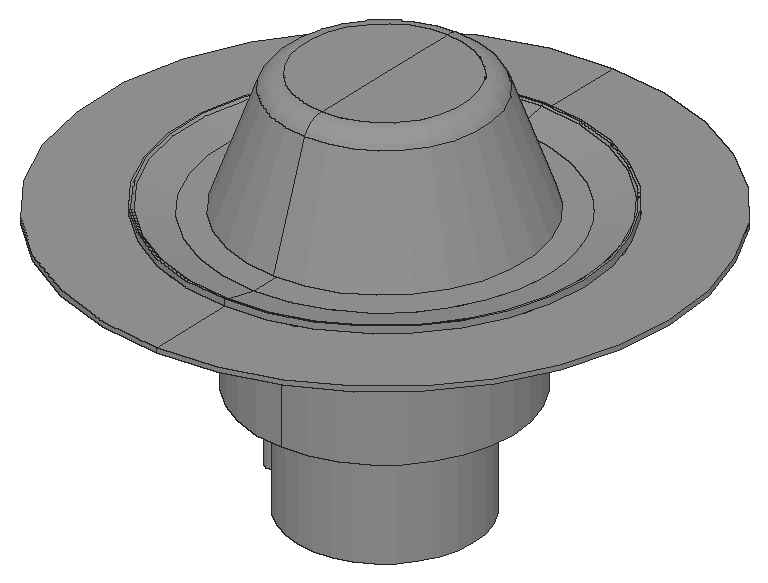
Revit family "HL_Dachablauf_HL62.1-B-221103", category Instalační zařizovací předměty, Revit 2021
Family settings
  Kóta kulaté spojky = Použít průměr
  Typ dílu = Normální
  Číslo OmniClass = 23.70.50.21.24.14
  Nadpis OmniClass = Deck Waste Water Drains
  Založené na pracovní rovině = Ne
  Vždy vertikální = Ano
  Ořezat dutým tvarem při načtení = Ne
  Sdílené = Ne
  Bod výpočtu místnosti = Ano
Parameters (values of type "HL_Dachablauf_HL62.1_1")
  Výchozí výška = 0 mm
  Výrobce = "HL Hutterer & Lechner GmbH"  # constant formula
  VOLUMENSTROM [instance] = 0.0 L/s
  URL = "http://www.hutterer-lechner.com/de/products/catalog/roof-drains/HL62.1/1.aspx"
  RECHTSAUSKUNFT = "Urheberrechte (©), Designrechte und alle anderen Rechte am geistigen Eigentum, sind ausschließlich Eigentum der Firma HL Hutterer&Lechner GmbH. Änderungen sind nicht gestattet. Die Familien (Teile) sind mit Wasserzeichen geschützt."
  MATERIAL = "PP"
  LEISTUNG = "10,7 l/s"
  GEWICHT = "1,63 [kg]"
  EINLAUFROST = "Laubfangkorb d 145 mm"
  EINBAUHÖHE = "100 mm"
  EAN = "9003076802623"
  DURCHMESSER = 110 mm
  DIMENSION = "DN110"
  Abdeckung Material [instance] = none
  Přípoj ventilace = no
  Přípoj odpadních dílů = yes
  Přípoj HW = no
  Přípoj CW = no
  Popis = "Dachabläufe"
  Model = "HL62.1_1"
  Assembly Code = " "
  Komentáře k typům = "HL62.1/1 Dachablauf DN110 mit Klemmelement und Heizung (10_30W/230V),"
  Keynote = "HL62.1_1"
  Einbauhöhe [instance] = 0 mm
  G [instance] = 180.00°  # constant formula
  D [instance] = 67 mm + Einbauhöhe  # 67 mm
  C [instance] = if(Einbauhöhe - 68 mm < 0 mm, 0 mm, Einbauhöhe - 68 mm)  # 0 mm
  B [instance] = 100 mm  # constant formula
  A [instance] = if(B - 100 mm > 15 mm, B - 100 mm, 15 mm)  # 15 mm
Types (5, lengths in mm): name | URL | LEISTUNG | GEWICHT | EAN | DURCHMESSER | DIMENSION | Model | Komentáře k typům | Keynote
  (no name) | "http://www.hutterer-lechner.com/de/products/catalog/roof-drains/HL62.1/7.aspx" | "9,9 l/s" | "1,65 [kg]" | "9003076832620" | 75 | "DN75" | "HL62.1_7" | "HL62.1/7 Dachablauf DN75 mit Klemmelement und Heizung (10_30W/230V)," | "HL62.1_7"
  HL_Dachablauf_HL62.1_1 | "http://www.hutterer-lechner.com/de/products/catalog/roof-drains/HL62.1/1.aspx" | "10,7 l/s" | "1,63 [kg]" | "9003076802623" | 110 | "DN110" | "HL62.1_1" | "HL62.1/1 Dachablauf DN110 mit Klemmelement und Heizung (10_30W/230V)," | "HL62.1_1"
  HL_Dachablauf_HL62.1_2 | "http://www.hutterer-lechner.com/de/products/catalog/roof-drains/HL62.1/2.aspx" | "14,0 l/s" | "1,62 [kg]" | "9003076812622" | 125 | "DN125" | "HL62.1_2" | "HL62.1/2 Dachablauf DN125 mit Klemmelement und Heizung (10_30W/230V)," | "HL62.1_2"
  HL_Dachablauf_HL62.1_5 | "http://www.hutterer-lechner.com/de/products/catalog/roof-drains/HL62.1/5.aspx" | "14,1 l/s" | "1,66 [kg]" | "9003076822621" | 160 | "DN160" | "HL62.1_5" | "HL62.1/5 Dachablauf DN160 mit Klemmelement und Heizung (10_30W/230V)," | "HL62.1_5"
  HL_Dachablauf_HL62.1_7 | "http://www.hutterer-lechner.com/de/products/catalog/roof-drains/HL62.1/7.aspx" | "9,9 l/s" | "1,65 [kg]" | "9003076832620" | 75 | "DN75" | "HL62.1_7" | "HL62.1/7 Dachablauf DN75 mit Klemmelement und Heizung (10_30W/230V)," | "HL62.1_7"
Reference planes
  plane 1 "Center (Front/Back)": y = 0
  plane 2: z = 0
  plane 3 "Center (Left/Right)": x = 0
  plane 4: z = -100
  plane 5: z = 0
Lines and regions (mm)
  model lines, style "InvisibleLines"
    curve 1: line (0, 0, 0) -> (0, 0, 20)
  model lines, style "PlumbingFixtures", detail levels coarse+medium
    curve 2: line (0, 0, -100) -> (0, 0, -85)
    curve 3: line (0, 0, -85) -> (-85, 0, 0)
    curve 4: line (0, 0, -85) -> (85, 0, 0)
    curve 6: line (0, 0, -100) -> (0, 0, -167)
  reference lines, not visible
    curve 5: line (0, 0, -100) -> (0, 0, -167)
  symbolic lines, style "PlumbingFixtures", detail levels coarse+medium
    curve 7: line (-75, 75, 0) -> (75, 75, 0)
    curve 8: line (-75, -75, 0) -> (-75, 75, 0)
    curve 9: line (75, -75, 0) -> (-75, -75, 0)
    curve 10: line (75, 75, 0) -> (75, -75, 0)
    curve 11: line (-75, 75, 0) -> (-145.711, 145.711, 0)
    curve 12: line (75, 75, 0) -> (145.711, 145.711, 0)
    curve 13: line (-75, -75, 0) -> (-145.711, -145.711, 0)
    curve 14: line (75, -75, 0) -> (145.711, -145.711, 0)
  symbolic lines, style "PlumbingFixtures", not visible, detail levels coarse+medium
    curve 15: line (-75, 75, 0) -> (75, 75, 0)
    curve 16: line (-75, -75, 0) -> (-75, 75, 0)
    curve 17: line (75, -75, 0) -> (-75, -75, 0)
    curve 18: line (75, 75, 0) -> (75, -75, 0)
    curve 19: line (-75, 75, 0) -> (-145.711, 145.711, 0)
    curve 20: line (75, 75, 0) -> (145.711, 145.711, 0)
    curve 21: line (-75, -75, 0) -> (-145.711, -145.711, 0)
    curve 22: line (75, -75, 0) -> (145.711, -145.711, 0)
Text (mm)
  text "FLOOR" at (-162.344, 0, -10.979), in view "Drain Construction View"
Dimensions and locks
  "B": plane 2 to plane 4
  "Einbauhöhe": plane 2 to plane 5
  "A": curve 4 to plane 4
  "D": curve 5 to curve 5
  "D": curve 6 to curve 6
  locked: curve 4 to plane 3 "Center (Left/Right)" (angle 45.00°)
  locked: plane 3 "Center (Left/Right)" to curve 3 (angle 45.00°)
  "G": angle curve 5 to plane 3 "Center (Left/Right)"
  aligned and locked: level to plane 2
  aligned and locked: plane 2 to curve 4
  aligned and locked: plane 2 to curve 3
  aligned and locked: plane 4 to curve 5
  aligned and locked: plane 3 "Center (Left/Right)" to curve 5
  aligned and locked: plane 4 to curve 2
  aligned and locked: curve 6 to plane 3 "Center (Left/Right)"
  aligned and locked: curve 6 to plane 4
  aligned and locked: plane 5 to nested 1
  aligned and locked: nested 1 to plane 3 "Center (Left/Right)"
  aligned and locked: plane 2 to nested 2
  aligned and locked: plane 3 "Center (Left/Right)" to nested 2
Automatic sketch dimensions
  curve 2 to plane 3 "Center (Left/Right)" = 0 mm
  curve 1 to plane 3 "Center (Left/Right)" = 0 mm
  curve 1 to level = 0 mm
  level to curve 1 = 20 mm
Nested families
  nested 1: "HL_Dachablaufkörper_HL62.1" at (0, 0, 0), DURCHMESSER <- "DURCHMESSER", type "HL_Dachablaufkörper_HL62.1"
    with OOD 67.5 mm, DURCHMESSER 110 mm
  nested 2: "HL_Zubehör_HL062.1E" at (0, 0, 0), type "HL_Zubehör_HL062.1E"
Connectors
  piping at (0, 0, -167), diameter 110, driven by "VOLUMENSTROM", driven by "DURCHMESSER"
    settings: on curve 5, index 1, connector inside diameter 609.6 mm, connector length 0 mm, flow factor 0, pipe flow 0.0 L/s, pressure drop 0.0 Pa, fitting loss kfactor 0, connector angle 0.00°, fixture units 0, engagement length 0 mm, angle of deflection 0.00°, flow configuration 1, flow direction 2, fitting loss method 0, system type 16, joint type 0, gender type 0, connector reference index -1, connector utility 0, adjustable connector yes, is connector primary yes, connector description ""
Definition of nested family "HL_Dachablaufkörper_HL62.1"
  Parameters (values of type "HL_Dachablaufkörper_HL62.1")
    Default Elevation = 0 mm
    Manufacturer = ""
    URL = ""
    Description = ""
    OOD [instance] = if((80 mm - DURCHMESSER / 2) / 2 + DURCHMESSER / 2 > 75 mm, 100 mm, (80 mm - DURCHMESSER / 2) / 2 + DURCHMESSER / 2)  # 100 mm
    Model = ""
    Type Comments = ""
    DURCHMESSER [instance] = 160 mm
    Cost = 0
  Reference planes
    plane 1 "Střed (vpředu/vzadu)": y = 0
    plane 2: z = 0
    plane 3 "Střed (vlevo/vpravo)": x = 0
  Forms (mm)
    Revolve 1, solid, detail levels fine
      sketch origin (0, 0, 0) x (0, 1, 0) y (0, 0, 1)
        loop
          line (177, -3) -> (177, 0) -> (124.39, 0) -> (112.255, 0) -> (101.905, -2.2) -> (79.004, -2.2) -> (79.004, -22.024) -> (74.451, -22.024) -> (74.451, -35.37) -> (0, -35.37) -> (0, -97.967) -> (79.982, -97.967) -> (79.982, -31.54) -> (86.489, -31.54) -> (86.489, -28.04) -> (101.489, -28.04) -> (101.489, -13.704) -> (130.898, -3) -> (177, -3)
        axis (0, 0) -> (0, -97.967)
      angle from 0 to 360
    Revolve 2, solid, detail levels fine
      sketch origin (0, 0, 0) x (0, 1, 0) y (0, 0, 1)
        loop
          line (124.39, 0) -> (124.39, 4) -> (123.297, 4) -> (122.033, 3.115) -> (101.733, -1.2) -> (79.004, -1.2) -> (79.004, -2.2) -> (101.905, -2.2) -> (112.255, 0) -> (124.39, 0)
        axis (0, 4) -> (0, -2.2)
      angle from 0 to 360
    Extrusion 3, solid, detail levels fine
      sketch origin (0, 0, 0) x (0.707107, 0.707107, 0) y (-0.707107, 0.707107, 0)
        loop
          circle (0, 0) r 80
      from -167 to -97.967
    Sweep 4, solid, detail levels fine
      path origin (-100, 0, -67.213) x (0, 0, -1) y (1, 0, 0)
        loop
          line (98.966, 0) -> (27.716, 0)
          arc (27.716, 0) -> (15.095, 5.228) -> (9.868, 17.848) r 17.848
          line (9.868, 17.848) -> (9.868, 35)
      profile origin (-100, 0, -130.554) x (-1, 0, 0) y (0, -1, 0)
        loop
          circle (0, 0) r 5.8
  Lines and regions (mm)
    reference lines
      curve 1: line (-100, 0, -67.213) -> (-100, 0, -292.213)
  Dimensions and locks
    "OOD": curve 1 to plane 3 "Střed (vlevo/vpravo)"
    "DURCHMESSER": diameter of Extrusion 3 sketch curve
    aligned and locked: level to plane 2
  Automatic sketch dimensions
    Revolve 2 sketch curve to plane 1 "Střed (vpředu/vzadu)" = 0 mm
    level to Revolve 2 sketch curve = 0 mm
    Revolve 2 sketch curve to level = 1.2 mm
    Revolve 2 sketch curve to plane 1 "Střed (vpředu/vzadu)" = 79.004 mm
    Revolve 2 sketch curve to Revolve 2 sketch curve = 22.729 mm
    Revolve 2 sketch curve to level = 2.2 mm
    Revolve 2 sketch curve to Revolve 2 sketch curve = 0.172 mm
    Revolve 2 sketch curve to Revolve 2 sketch curve = 10.35 mm
    level to Revolve 2 sketch curve = 3.115 mm
    Revolve 2 sketch curve to Revolve 2 sketch curve = 9.777 mm
    Revolve 2 sketch curve to Revolve 2 sketch curve = 1.264 mm
    Revolve 2 sketch curve to Revolve 2 sketch curve = 1.093 mm
    Revolve 2 sketch curve to Revolve 2 sketch curve = 0.885 mm
    Revolve 2 sketch curve to level = 66.573 mm
    level to Revolve 2 sketch curve = 22.174 mm
    Revolve 1 sketch curve to plane 1 "Střed (vpředu/vzadu)" = 0 mm  (x2)
    level to Revolve 1 sketch curve = 0 mm
    Revolve 1 sketch curve to Revolve 1 sketch curve = 74.451 mm
    Revolve 1 sketch curve to Revolve 1 sketch curve = 4.553 mm
    Revolve 1 sketch curve to Revolve 1 sketch curve = 6.507 mm
    Revolve 1 sketch curve to Revolve 1 sketch curve = 15 mm
    Revolve 1 sketch curve to level = 2.2 mm
    Revolve 1 sketch curve to Revolve 1 sketch curve = 0.416 mm
    Revolve 1 sketch curve to Revolve 1 sketch curve = 10.35 mm
    Revolve 1 sketch curve to Revolve 1 sketch curve = 12.135 mm
    Revolve 1 sketch curve to level = 3 mm
    Revolve 1 sketch curve to Revolve 1 sketch curve = 6.508 mm
    Revolve 1 sketch curve to Revolve 1 sketch curve = 46.102 mm
    Revolve 1 sketch curve to Revolve 1 sketch curve = 11.504 mm
    Revolve 1 sketch curve to Revolve 1 sketch curve = 19.824 mm
    Revolve 1 sketch curve to Revolve 1 sketch curve = 14.336 mm
    Revolve 1 sketch curve to Revolve 1 sketch curve = 3.5 mm
    level to Revolve 1 sketch curve = 30 mm
    Revolve 1 sketch curve to Revolve 1 sketch curve = 270 mm
    Revolve 1 sketch curve to Revolve 1 sketch curve = 5.531 mm
    Revolve 1 sketch curve to Revolve 1 sketch curve = 3.83 mm
    Revolve 1 sketch curve to Revolve 1 sketch curve = 62.597 mm
    plane 1 "Střed (vpředu/vzadu)" to Sweep 4 sketch curve = 0 mm
    Sweep 4 sketch curve to profile plane = 0 mm
    curve 1 to Sweep 4 sketch curve = 0 mm
    curve 1 to Sweep 4 sketch curve = 9.868 mm
    Sweep 4 sketch curve to Sweep 4 sketch curve = 17.848 mm
    Sweep 4 sketch curve to Sweep 4 sketch curve = 71.25 mm
    curve 1 to Sweep 4 sketch curve = 35 mm
    curve 1 to level = 292.213 mm
    curve 1 to level = 67.213 mm
    plane 1 "Střed (vpředu/vzadu)" to Extrusion 3 sketch curve = 0 mm
    Extrusion 3 sketch curve to plane 3 "Střed (vlevo/vpravo)" = 0 mm
    radius of Sweep 4 sketch curve = 5.8 mm
Definition of nested family "HL_Zubehör_HL062.1E"
  Parameters (values of type "HL_Zubehör_HL062.1E")
    Default Elevation = 0 mm
    Manufacturer = "HL Hutterer & Lechner GmbH"
    URL = "http://www.hutterer-lechner.com/de/products/catalog/roof-drains/HL062.1E.aspx"
    Abdeckung Material = none
    RECHTSAUSKUNFT = "Urheberrechte (©), Designrechte und alle anderen Rechte am geistigen Eigentum, sind ausschließlich Eigentum der Firma HL Hutterer&Lechner GmbH. Änderungen sind nicht gestattet. Die Familien (Teile) sind mit Wasserzeichen geschützt."
    Description = "Dachabläufe"
    Model = "HL062.1E"
    Type Comments = "HL062.1E, Laubfangkorb"
    Keynote = "HL062.1E"
    GEWICHT = "0,097 [kg]"
    Volumenstrom [instance] = 0.0 L/s
    EAN = "9003076006212"
    Cost = 0
  Values of the unnamed type that differ from the named types
    Manufacturer = ""
    URL = ""
    RECHTSAUSKUNFT = ""
    Description = ""
    Model = ""
    Type Comments = "HL062.1E, domed plastic grate"
    Keynote = ""
  Reference planes
    plane 1 "Střed (vpředu/vzadu)": y = 0
    plane 2: z = 0
    plane 3 "Střed (vlevo/vpravo)": x = 0
  Forms (mm)
    Revolve 1, solid, detail levels fine
      sketch origin (0, 0, 0) x (0, 1, 0) y (0, 0, 1)
        loop
          line (0, 75) -> (0, 60.2) -> (47.074, 60.2) -> (68.985, 0) -> (86.249, 0) -> (61.992, 66.646)
          arc (61.992, 66.646) -> (56.733, 72.731) -> (49.016, 75) r 14.255
          line (49.016, 75) -> (0, 75)
        axis (0, 75) -> (0, 0)
      angle from 0 to 360
    Extrusion 2, solid, detail levels fine
      sketch origin (0, 0, 0) x (0, 1, 0) y (1, 0, 0)
        loop
          circle (0, 0) r 78.587
        loop
          circle (0, 0) r 70.981
      from 0 to 16.7
    Extrusion 3, solid, detail levels fine
      sketch origin (0, 0, -16.7) x (-1, 0, 0) y (0, 1, 0)
        loop
          circle (0, 0) r 70
        loop
          circle (0, 0) r 74.546
      from 0 to 12.3
  Dimensions and locks
    aligned and locked: level to plane 2
